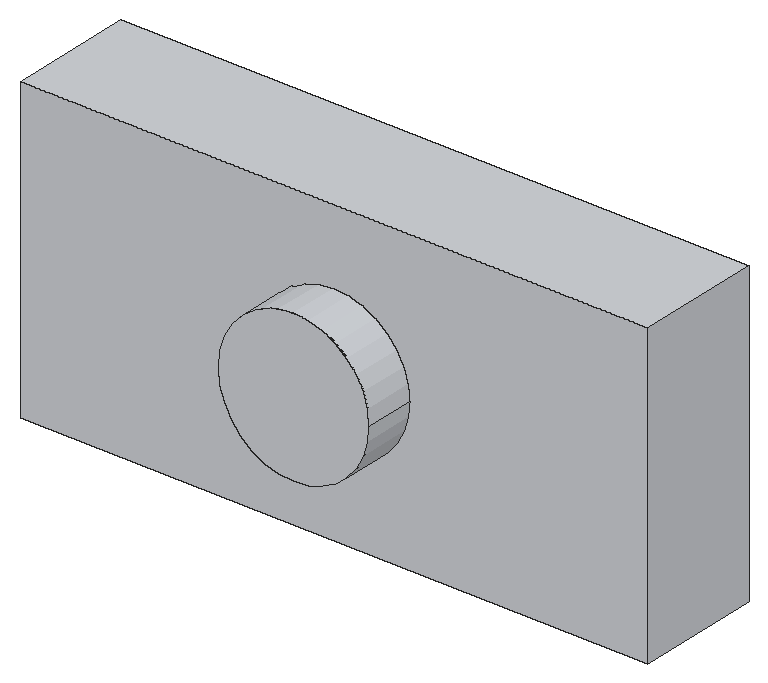
Revit family "LE_W_RE_Rettungszeichenleuchte_V1700", category Leuchten, Revit 2017
Family settings
  Bemaßung runder Anschluss = Durchmesser verwenden
  Teiletyp = Normal
  OmniClass-Nummer = 23.80.70.00
  OmniClass-Titel = Lighting
  Arbeitsebenenbasiert = Ja
  Immer vertikal = Ja
  Beim Laden mit Abzugskörper schneiden = Nein
  Lichtquelle = Ja
  Gemeinsam genutzt = Nein
  Raumberechnungspunkt = Nein
Parameters (values of type "Rettungszeichenleuchte_allg")
  pbr_Material_KZ = ""
  pbr_Material = none
  pbr_E_Typ = ""
  pbr_E_KZ = ""
  pbr_DINBild = 0
  pbr_Bild = 0
  cpiFitMatchKey [instance] = "E-WLR-18-5"
  Zentrale [instance] = ""
  built-in parameter 1150104 = 13.8 (stored number, unit not read)
  Wirkleistung [instance] = 0 W
  Wattage = 9.2903 W
  Default Elevation = 1219.2 mm
  Emit from Rectangle Length = 1219.2 mm
  Emit from Rectangle Width = 609.6 mm
  built-in parameter 1150113 = 1 (stored number, unit not read)
  built-in parameter 1114218 = 1 (stored number, unit not read)
  Typ = ""
  Tiefe = 50 mm
  Text3 = ""
  Text2 = ""
  Text1 = ""
  built-in parameter 1150134 = 3
  built-in parameter 1150109 = 1 (stored number, unit not read)
  Symboltiefe = 200 mm
  Symbolbreite = 300 mm
  built-in parameter 1150110 = 1 (stored number, unit not read)
  Spannung = 230 V  # constant formula
  Scheinleistung [instance] = 0 VA
  Scheinlast = 0 VA
  Schaltgruppe2 [instance] = 0
  Schaltgruppe1 [instance] = 0
  Radius_Leerrohr = 50 mm
  Poligkeit = 1
  Planungsbüro Rohling = "www.pbr.de"
  Menge(Dosenzahl) = 1
  Linie/Anschluss [instance] = ""
  built-in parameter 1114217 = 1 (stored number, unit not read)
  built-in parameter 1150139 = (empty or 0)
  built-in parameter 1150105 = 439.27 (stored number, unit not read)
  built-in parameter 1150114 = 1 (stored number, unit not read)
  Lumens = 1380 lm
  built-in parameter 1150115 = 1 (stored number, unit not read)
  Lastklassifizierung = Beleuchtung
  Lampentyp [instance] = ""
  built-in parameter 1150112 = 1 (stored number, unit not read)
  Lampe = "Wandleuchte rechteck"
  Kommentar zur Wattzahl [instance] = ""
  Installationsart [instance] = ""
  Info = ""
  IFC = ""
  Höhe = 120 mm
  Halbhöhe [instance] = Höhe / 2  # 60 mm
  Halbbreite [instance] = Breite / 2  # 125 mm
  Größe des Lichtquellensymbols = 609.6 mm
  Gewerk [instance] = "SIBEL"
  Dimming Lamp Color Temperature Shift = (empty or 0)
  Color Filter = 16777215
  built-in parameter 1150133 = 10 (stored number, unit not read)
  Emit Shape Visible in Rendering = no
  built-in parameter 1150137 = (empty or 0)
  built-in parameter 1150132 = (empty or 0)
  Breite = 250 mm
  built-in parameter 1150106 = 4.3927 (stored number, unit not read)
  Anschlussdosentiefe = 20 mm
  Anschlussbuchsenradius = 30 mm
  built-in parameter 1150107 = 3200 (stored number, unit not read)
  built-in parameter 1150102 = (empty or 0)
  built-in parameter 1150138 = (empty or 0)
Reference planes
  plane 1 "Mitte (Vorne/Hinten)": y = 0
  plane 2: z = 0
  plane 3 "Mitte (Links/Rechts)": x = 0
  plane 4 "Lampe unten": z = -60
  plane 5: y = 70
  plane 6: y = 20
  plane 7: x = -125
  plane 8: x = 125
  plane 9: z = 60
  plane 10 "Symbollinks": x = -300
  plane 11: x = 300
Forms (mm)
  Sweep 1, solid, detail levels medium+fine
    path origin (0, 0, 0) x (1, 0, 0) y (0, 1, 0)
      loop
        line (0, 0) -> (0, 20)
    profile origin (0, 10, 0) x (-1, 0, 0) y (0, 0, 1)
      loop
        circle (0, 0) r 30
  Sweep 2, solid, detail levels fine
    path origin (0, 0, 0) x (1, 0, 0) y (0, 1, 0)
      loop
        line (0, 20) -> (0, 70)
    profile origin (0, 45, 0) x (-1, 0, 0) y (0, 0, 1)
      loop
        line (125, 60) -> (-125, 60) -> (-125, -60) -> (125, -60) -> (125, 60)
Lines and regions (mm)
  reference lines
    curve 1: line (0, 0, 1407.319) -> (0, 0, 1447.319)
Dimensions and locks
  "Halbhöhe": level to plane 4 "Lampe unten"
  "Anschlussdosentiefe": plane 6 to plane 1 "Mitte (Vorne/Hinten)"
  "Tiefe": plane 5 to plane 6
  equal spacing: plane 7, plane 3 "Mitte (Links/Rechts)", plane 8
  "Halbbreite": plane 7 to plane 3 "Mitte (Links/Rechts)"
  equal spacing: plane 9, level, plane 4 "Lampe unten"
  "Symbolbreite": plane 10 "Symbollinks" to plane 3 "Mitte (Links/Rechts)"
  equal spacing: plane 10 "Symbollinks", plane 3 "Mitte (Links/Rechts)", plane 11
  "Anschlussbuchsenradius": radius of Sweep 1 sketch curve
  aligned and locked: level to plane 2
  aligned and locked: Sweep 2 sketch curve to plane 9
  aligned and locked: Sweep 2 sketch curve to plane 8
  aligned and locked: plane 4 "Lampe unten" to Sweep 2 sketch curve
  aligned and locked: plane 7 to Sweep 2 sketch curve
  aligned and locked: plane 3 "Mitte (Links/Rechts)" to imposter light
  aligned and locked: imposter light to plane 5
  aligned and locked: level to imposter light
Automatic sketch dimensions
  curve 1 to plane 3 "Mitte (Links/Rechts)" = 0 mm
  level to curve 1 = 1407.319 mm
  curve 1 to curve 1 = 40 mm
  Sweep 1 sketch curve to plane 3 "Mitte (Links/Rechts)" = 0 mm
  plane 1 "Mitte (Vorne/Hinten)" to Sweep 1 sketch curve = 0 mm
  Sweep 1 sketch curve to plane 6 = 0 mm
  Sweep 2 sketch curve to plane 3 "Mitte (Links/Rechts)" = 0 mm
  Sweep 2 sketch curve to plane 6 = 0 mm
  Sweep 2 sketch curve to plane 5 = 0 mm
  Sweep 1 sketch curve to level = 0 mm
  Sweep 1 sketch curve to profile plane = 0 mm
Nested families
  nested 1: "Rettungszeichenleuchte" at (0, 90, 0), type "Rettungszeichenleuchte"
Connectors
  electrical at (0, 0, 0), driven by "Spannung"
    settings: on Sweep 1, index 1, voltage 230 V, apparent load 0 VA, apparent load phase1 18 VA, apparent load phase2 0 VA, apparent load phase3 0 VA, power factor 1, load classification "Beleuchtung", number of poles 1, system type 30, power factor state 1, is connector primary yes, connector utility no, sub classification motor no, connector description ""
  cabletrayconduit at (0, 0, 0), diameter 50, driven by "Radius_Leerrohr"
    settings: on Sweep 1, index 2, connector width 300 mm, connector height 300 mm, connector angle 0.00°, system type 32, placement type 0, profile type 0, connector reference index -1, is primary connector yes, connector utility param no, connector description ""
Definition of nested family "Rettungszeichenleuchte"
  Parameters (values of type "Rettungszeichenleuchte")
    pbr_Material_KZ = ""
    pbr_Material = none
    pbr_E_Typ = ""
    pbr_E_KZ = ""
    pbr_DINBild = 0
    pbr_Bild = 0
    Zentrale [instance] = ""
    Wirkungsgrad [instance] = 0 lm/W
    Watt [instance] = 0 W
    Typ = ""
    Text3 = ""
    Text2 = ""
    Text1 = ""
    Spannung [instance] = 0
    Scheinleistung [instance] = 0 VA
    Schaltgruppe2 [instance] = 0
    Schaltgruppe1 [instance] = 0
    Planungsbüro Rohling = "www.pbr.de"
    Menge(Dosenzahl) = 1
    Lastklassifizierung [instance] = none
    Lampentyp [instance] = ""
    Kommentar zur Wattzahl [instance] = ""
    Installationsart [instance] = ""
    Info = ""
    Gewerk = "Beleuchtung"
  Reference planes
    plane 1 "Mitte (Vorne/Hinten)": y = 0
    plane 2: z = 0
    plane 3 "Mitte (Links/Rechts)": x = 0
    plane 4: y = 90
    plane 5: y = -90
    plane 6: x = -160
    plane 7: x = 160
    plane 8: y = 60
    plane 9: x = -95
    plane 10: x = 95
    plane 11: y = -60
    plane 12: x = -5
    plane 13: x = 5
  Lines and regions (mm)
    Filled region 1, type "Flächenfüllung Schwarz", in view "Referenzebene"
      outline origin (0, 0, 0) x (1, 0, 0) y (0, 1, 0)
        loop
          line (-95, 60) -> (-5, 0) -> (-95, -60) -> (95, -60) -> (4.237, 0.508) -> (93.475, 60) -> (-95, 60)
    detail lines, in view "Referenzebene"
      curve 1: line (-160, 90, 0) -> (160, 90, 0)
      curve 2: line (-160, -90, 0) -> (-160, 90, 0)
      curve 3: line (160, -90, 0) -> (-160, -90, 0)
      curve 4: line (160, 90, 0) -> (160, -90, 0)
  Dimensions and locks
    equal spacing: plane 6, plane 3 "Mitte (Links/Rechts)", plane 7
    equal spacing: plane 4, plane 1 "Mitte (Vorne/Hinten)", plane 5
    plane 3 "Mitte (Links/Rechts)" to plane 7 = 160 mm
    plane 4 to plane 1 "Mitte (Vorne/Hinten)" = 90 mm
    equal spacing: plane 8, plane 1 "Mitte (Vorne/Hinten)", plane 11
    equal spacing: plane 9, plane 3 "Mitte (Links/Rechts)", plane 10
  Automatic sketch dimensions
    curve 1 to plane 4 = 0 mm
    curve 1 to plane 6 = 0 mm
    curve 4 to plane 7 = 0 mm
    curve 4 to plane 5 = 0 mm
    Filled region 1 sketch curve to plane 9 = 0 mm  (x2)
    Filled region 1 sketch curve to plane 8 = 0 mm
    plane 1 "Mitte (Vorne/Hinten)" to Filled region 1 sketch curve = 0 mm
    Filled region 1 sketch curve to plane 12 = 0 mm
    Filled region 1 sketch curve to plane 1 "Mitte (Vorne/Hinten)" = 0.508 mm
    Filled region 1 sketch curve to plane 13 = 0.763 mm
    Filled region 1 sketch curve to plane 10 = 1.525 mm
    Filled region 1 sketch curve to plane 10 = 0 mm
    Filled region 1 sketch curve to plane 11 = 0 mm
